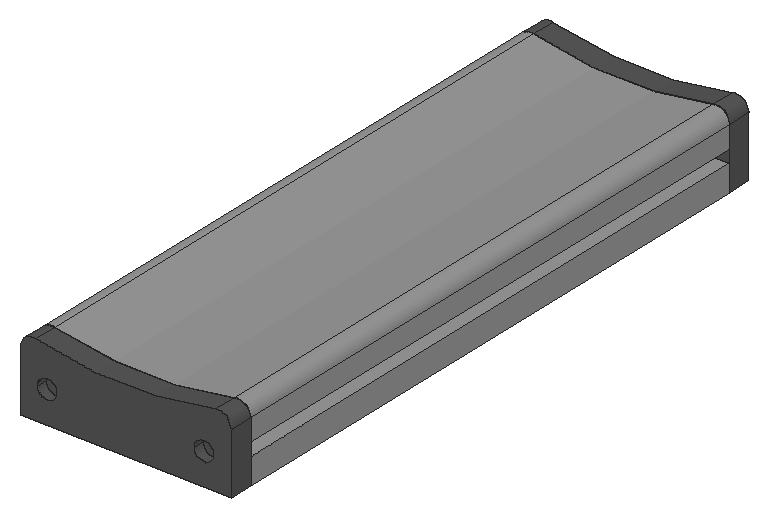
Revit family "JC KONTAKTER JCK108 FI", category Specialty Equipment, host Face, Revit 2025
Family settings
  Host = Face
  Round Connector Dimension = Use Diameter
  Part Type = Normal
  Enable Cutting in Views = Yes
  Cut with Voids When Loaded = No
  Maintain Annotation Orientation = Yes
  Shared = No
  Room Calculation Point = No
Parameters (values of type "JCK108")
  Valmistusmaa = "Ruotsi"
  URL = "https://www.jckontakter.fi/produkt/kyynarkytkin/kyynarkytkin-metalli/kyynarkytkin-jck108/"
  Tuotteen paino = "0.408 kg"
  Tekniken tuotekortti = "https://www.jckontakter.fi/wp-content/uploads/sites/4/Tekninen-tuotekortti_JCK108.245_FI.pdf"
  Päätypäät = POM Tenac C 4520
  Pienin nimellisvirta = "12V Resistiivinen 6A Induktiivinen L/R 5ms 6A, 24V Resistiivinen 6A Induktiivinen L/R 5ms 5A"
  Nimellisestä nimellisvirrasta = "1mA/4 V DC"
  Model = "JCK108"
  Mikrokytkin = "Standar NO IP67"
  Mikrokytkimien määrä = 2
  Manufacturer = "JC Kontakter"
  Kansi = Aluminum ENAW 6060
  Description = "Vandaalinkestävä laajapintainen painike, jossa on kovera painopinta. Valmistettu hopeanväriseksi anodisoidusta alumiinista ja varustettu mustilla päätykappaleilla. Sisältää kaksinkertaiset kosteussuojatut mikrokytkimet, joiden suojausluokitus on IP67. Sopii vaativiin ympäristöihin sekä sisä- että ulkokäyttöön."
  Default Elevation = 800 mm
  Kotelo = Aluminum ENAW 6060
  CE asiakirja = "https://jckontakter.se/wp-content/uploads/CE_Dokument.pdf"
Reference planes
  plane 1 "Center (Front/Back)": y = 0
  plane 2: z = 0
  plane 3 "Center (Left/Right)": x = 0
  plane 4 "A": y = -122.5
Lines and regions (mm)
  symbolic lines
    curve 1: line (-50, 0, 50) -> (50, 0, 50)
    curve 2: line (-50, 0, 0) -> (-50, 0, 50)
    curve 3: line (50, 0, 0) -> (-50, 0, 0)
    curve 4: line (50, 0, 50) -> (50, 0, 0)
    curve 5: line (-40, 117.5, 0) -> (40, 117.5, 0)
    curve 6: line (-40, -122.5, 0) -> (-40, 117.5, 0)
    curve 7: line (40, -122.5, 0) -> (-40, -122.5, 0)
    curve 8: line (40, 117.5, 0) -> (40, -122.5, 0)
Text (mm)
  text "Poista tämä tunniste ennen käyttöä.\n\nSijoitusohjeet:\n\n1. Lataa projektiin.\n2. Vie kursori sen pinnan päälle, johon perhe tullaan sijoittamaan.\n3. Jos perhe näkyy kiertyneenä, valitse asetus \"kierrä sijoittamisen jälkeen\".\n4. Napsauta haluttua pintaa.\n5. Kirjoita haluttu kulma.\n6. Paina Enter." at (123.173, 1072.34, 0), in view "Ref. Level"
Dimensions and locks
  aligned and locked: plane 2 to host face
  aligned and locked: level to host face
Nested families
  nested 1: "AK_108" at (0, -122.5, 0) x (1, 0, 0) z (0, 1, 0), type "AK_108"
Definition of nested family "AK_108"
  Parameters (values of type "AK_108")
    URL = "https://jckontakter.se/produkt/armbagskontakter-metall/armbagskontakt-i-aluminium-jck108/"
    Model = "JCK108"  # constant formula
    Manufacturer = "JC Kontakter"  # constant formula
    Lid Finish = none
    Length = 245 mm
    End Cap Finish = none
    Description = "JCK108 är en robust armbågskontakt i aluminium. Modellen har en konkav tryckplatta med kontrasterande svarta endcaps och är speciellt lämplig att installeras i krävande miljöer.\r\nJCK108 levereras med 2st mikrobrytare i IP67."  # constant formula
    Default Elevation = 1219.2 mm
    Core Finish = none
    A = Length - 9 mm  # 236 mm
  Reference planes
    plane 1 "Center (Front/Back)": y = 0
    plane 2: z = 0
    plane 3 "Center (Left/Right)": x = 0
    plane 4 "1": x = 40
    plane 5 "A": z = 9
    plane 6 "B": z = 236
    plane 7: y = -17.83
  Forms (mm)
    Extrusion 1, solid, material <- "Core Finish"
      sketch origin (40, 0, 9) x (1, 0, 0) y (0, 1, 0)
        loop
          line (-80, 0) -> (-80, -10) -> (-73.2, -10) -> (-73.2, -15) -> (-6, -15) -> (-6, -10) -> (0, -10) -> (0, 0) -> (-80, 0)
      from 0 to 227
    Extrusion 2, solid, material <- "Lid Finish"
      sketch origin (-40, 0, 9) x (-1, 0, 0) y (0, -1, 0)
        loop
          line (-6.8, 17.58) -> (-6.8, 15) -> (0, 15) -> (0, 23)
          arc (0, 23) -> (-1.864, 26.894) -> (-6.066, 27.885) r 5
          arc (-6.066, 27.885) -> (-40, 24) -> (-73.934, 27.885) r 150.141
          arc (-73.934, 27.885) -> (-78.136, 26.894) -> (-80, 23) r 5
          line (-80, 23) -> (-80, 15) -> (-74, 15) -> (-74, 17.58) -> (-6.8, 17.58)
      from 0 to 227
    Extrusion 3, solid, material <- "End Cap Finish"
      sketch origin (-40, 0, 0) x (1, 0, 0) y (0, 1, 0)
        loop
          arc (0, -23) -> (1.864, -26.894) -> (6.066, -27.885) r 5
          arc (6.066, -27.885) -> (40, -24) -> (73.934, -27.885) r 150.141
          arc (73.934, -27.885) -> (78.136, -26.894) -> (80, -23) r 5
          line (80, -23) -> (80, 0) -> (0, 0) -> (0, -23)
      from 0 to 9
    Extrusion 4, void
      sketch origin (0, 0, 0) x (1, 0, 0) y (0, 1, 0)
        loop
          circle (-29.75, -12.25) r 3.75
        loop
          circle (29.75, -12.25) r 3.75
      from 0 to 4
    Extrusion 5, solid, material <- "End Cap Finish"
      sketch origin (0, 0, 236) x (-1, 0, 0) y (0, -1, 0)
        loop
          arc (40, 23) -> (38.136, 26.894) -> (33.934, 27.885) r 5
          arc (33.934, 27.885) -> (0, 24) -> (-33.934, 27.885) r 150.141
          arc (-33.934, 27.885) -> (-38.136, 26.894) -> (-40, 23) r 5
          line (-40, 23) -> (-40, 0) -> (40, 0) -> (40, 23)
      from 0 to 9
  Cuts and joins
    Extrusion 4 cuts Extrusion 3
  Dimensions and locks
    "A": plane 6 "B" to level
    aligned and locked: level to plane 2
    aligned and locked: plane 6 "B" to Extrusion 1
    aligned and locked: plane 6 "B" to Extrusion 2
  Automatic sketch dimensions
    plane 1 "Center (Front/Back)" to Extrusion 1 sketch curve = 0 mm
    Extrusion 1 sketch curve to plane 4 "1" = 0 mm
    Extrusion 1 sketch curve to Extrusion 1 sketch curve = 6 mm
    plane 1 "Center (Front/Back)" to Extrusion 1 sketch curve = 10 mm
    Extrusion 1 sketch curve to plane 3 "Center (Left/Right)" = 33.2 mm
    Extrusion 1 sketch curve to Extrusion 1 sketch curve = 6.8 mm
    plane 1 "Center (Front/Back)" to Extrusion 1 sketch curve = 15 mm
    Extrusion 1 sketch curve to Extrusion 1 sketch curve = 5 mm
    Extrusion 2 sketch curve to plane 4 "1" = 0 mm
    Extrusion 2 sketch curve to plane 3 "Center (Left/Right)" = 0 mm
    Extrusion 2 sketch curve to Extrusion 2 sketch curve = 5 mm
    Extrusion 2 sketch curve to plane 7 = 2.83 mm  (x2)
    Extrusion 2 sketch curve to Extrusion 2 sketch curve = 6 mm
    Extrusion 2 sketch curve to plane 3 "Center (Left/Right)" = 33.2 mm
    Extrusion 2 sketch curve to Extrusion 2 sketch curve = 1.8 mm
    Extrusion 2 sketch curve to Extrusion 2 sketch curve = 6.8 mm
    Extrusion 2 sketch curve to plane 7 = 0.25 mm
    plane 7 to Extrusion 2 sketch curve = 5.17 mm
    Extrusion 2 sketch curve to Extrusion 2 sketch curve = 8 mm
    Extrusion 2 sketch curve to Extrusion 2 sketch curve = 151.141 mm
    Extrusion 2 sketch curve to Extrusion 2 sketch curve = 1.066 mm
    plane 1 "Center (Front/Back)" to Extrusion 3 sketch curve = 0 mm
    Extrusion 3 sketch curve to plane 3 "Center (Left/Right)" = 0 mm
    Extrusion 3 sketch curve to plane 4 "1" = 0 mm
    plane 1 "Center (Front/Back)" to Extrusion 3 sketch curve = 23 mm
    Extrusion 3 sketch curve to plane 3 "Center (Left/Right)" = 35 mm
    Extrusion 3 sketch curve to Extrusion 3 sketch curve = 5 mm  (x2)
    Extrusion 3 sketch curve to Extrusion 3 sketch curve = 151.141 mm
    Extrusion 3 sketch curve to Extrusion 3 sketch curve = 23 mm
    Extrusion 3 sketch curve to Extrusion 3 sketch curve = 1.066 mm
    plane 1 "Center (Front/Back)" to Extrusion 4 sketch curve = 12.25 mm  (x2)
    Extrusion 4 sketch curve to plane 3 "Center (Left/Right)" = 29.75 mm
    Extrusion 4 sketch curve to plane 4 "1" = 10.25 mm
    plane 1 "Center (Front/Back)" to Extrusion 5 sketch curve = 0 mm
    Extrusion 5 sketch curve to plane 4 "1" = 0 mm
    Extrusion 5 sketch curve to plane 3 "Center (Left/Right)" = 0 mm
    Extrusion 5 sketch curve to plane 4 "1" = 5 mm
    plane 1 "Center (Front/Back)" to Extrusion 5 sketch curve = 23 mm
    Extrusion 5 sketch curve to plane 3 "Center (Left/Right)" = 35 mm
    Extrusion 5 sketch curve to Extrusion 5 sketch curve = 5 mm
    Extrusion 5 sketch curve to Extrusion 5 sketch curve = 23 mm
    Extrusion 5 sketch curve to Extrusion 5 sketch curve = 151.141 mm
    Extrusion 5 sketch curve to Extrusion 5 sketch curve = 1.066 mm
    radius of Extrusion 4 sketch curve = 3.75 mm  (x2)
